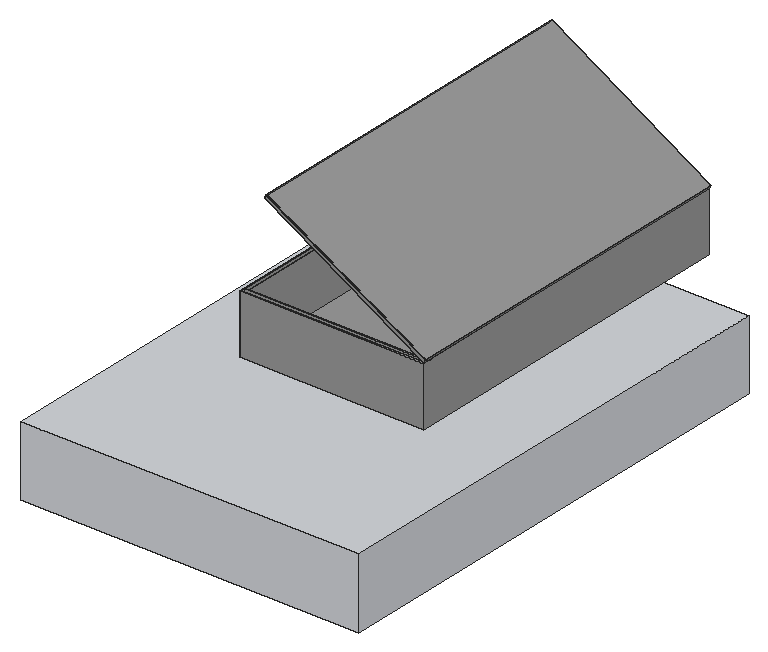
Revit family "Hager-Univers-IP55-D275-H1550-Cl.II-Steel_encl-ES-es", category Equipement électrique, Revit 2020
Family settings
  Hôte = Face
  Configuration du panneau = Deux colonnes, circuits au sein
  Cote de connecteur circulaire = Utiliser le diamètre
  Type d'élément = Tableau de raccordement
  Couper avec des vides une fois chargée = Non
  Partagée = Non
  Point de calcul de pièce = Non
Parameters (values of type "Montado superficial (escayola) IP55 A800 A1550 P275  - FR03S")
  Width Control [instance] = if([EF000008 - Anchura] > Min Width, [EF000008 - Anchura], Min Width)  # 800 mm
  Commentaires du type = [HG000003 - Gama]  # "Univers"
  Thickness Door [instance] = if([EF009171 - Espesor puerta/tapa] > 3 mm, 3 mm, [EF009171 - Espesor puerta/tapa])  # 1.5 mm
  Seal Frame Offset [instance] = 17 mm  # constant formula
  Plinth Visibility [instance] = [HG000027 - Altura de zócalo] > 0 mm  # no
  Model = ""
  Min Width [instance] = 100 mm  # constant formula
  Min Height [instance] = 100 mm  # constant formula
  Min Depth [instance] = (2 * [EF009170 - Espesor del material de la caja]) + 1 mm  # 4 mm
  Internal Frame Depth [instance] = (Door System Depth * 0.5)  # 9 mm
  Height Control [instance] = if([EF000040 - Altura] > Min Height, [EF000040 - Altura], Min Height)  # 1550 mm
  HG000027 - Altura de zócalo = 0 mm
  HG000026 - Instalación en suelo = no
  HG000024 - Altura de la sección inferior = 800 mm
  HG000023 - Caja de doble sección = no
  HG000016 - Visibilidad de la puerta 3D [instance] = yes
  HG000015 - Visibilidad a través de la puerta [instance] = no
  HG000014 - Puerta a la derecha [instance] = yes
  HG000013 - Puerta a la izquierda [instance] = not([HG000014 - Puerta a la derecha])  # no
  HG000012 - Ángulo de giro de la puerta [instance] = 30.00°
  HG000010 - Puertas asimétricas = no
  HG000009 - Puerta batiente doble = no
  HG000006 - Empotrado = no
  HG000004 - Referencia del fabricante = "FR03S"
  HG000003 - Gama = "Univers"
  HG000002 - Con puerta o tapa = yes
  Frame Offset Bottom [instance] = 10 mm  # constant formula
  Frame Offset [instance] = 15 mm  # constant formula
  EF015940 - Tapa con alivio de sobrepresión = no
  EF011959 - Grado de protección (NEMA) = ""
  EF009554 - Número de aberturas para placas-brida = 6
  Fabricant = "Hager"  # constant formula
  EF009212 - Versión de la cubierta = "EV000116 - Cerrado"
  EF009171 - Espesor puerta/tapa = 1.5 mm
  EF009170 - Espesor del material de la caja = 1.5 mm
  EF008873 - Corriente nominal (In) = 800 A
  EF007800 - Adecuado para la protección contra rayos = no
  EF006306 - Con cierre = no
  EF006244 - Tapa/puerta transparente = no
  EF005474 - Grado de protección (IP) = "EV006420 - IP55"
  EF004464 - Tipo de puerta = "EV002646 - Único"
  EF004427 - Número de módulos = 360
  EF004293 - Resistencia al impacto (IK) = "EV008784 - IK10"
  EF003532 - Adecuado para uso en exteriores = no
  EF002950 - Anchura de unidades de división = 24
  EF001613 - Integridad del circuito = "EV000494 - Ninguno"
  EF001596 - Material de la carcasa = "EV000179 - Acero"
  EF001131 - Profundidad interna = 275 mm
  EF001088 - Posibilidad de extensión = yes
  EF000437 - Número de entradas de conductos de cables = 6
  EF000339 - Tipo de cubierta = "EV004216 - Puerta"
  EF000266 - Número de filas = 10
  EF000218 - Profundidad de instalación = 0 mm
  EF000118 - Con placa de montaje = no
  EF000116 - Número RAL = "7035"
  EF000049 - Profundidad = 275 mm
  EF000040 - Altura = 1550 mm
  EF000008 - Anchura = 800 mm
  EF000007 - Color = "EV000270 - Gris"
  EF000003 - Tipo de montaje = "EV000384 - Montado superficial (escayola)"
  Door System Leaf Tolerance [instance] = 1.5 mm  # constant formula
  Door System Depth [instance] = 18 mm  # constant formula
  Door Height [instance] = Height Control - [HG000027 - Altura de zócalo]  # 1550 mm
  Depth Control [instance] = if([EF000049 - Profundidad] > Min Depth, [EF000049 - Profundidad], Min Depth)  # 275 mm
  Default Elevation = 0 mm
  Connector Offset [instance] = Height Control / 2  # 775 mm
  Bottom Top Plate Trim [instance] = 1.5 mm  # constant formula
  Plinth height Ctrl [instance] = if([HG000027 - Altura de zócalo] > 0 mm, [HG000027 - Altura de zócalo], 12 mm)  # 12 mm
Types (5, lengths in mm): name | Width Control | HG000010 - Puertas asimétricas | HG000009 - Puerta batiente doble | HG000004 - Referencia del fabricante | EF009554 - Número de aberturas para placas-brida | EF004464 - Tipo de puerta | EF004427 - Número de módulos | EF000437 - Número de entradas de conductos de cables | EF000008 - Anchura
  Montado superficial (escayola) IP55 A1050 A1550 P275  - FR04S | 1050 | no | yes | "FR04S" | 8 | "EV003602 - Doble" | 480 | 8 | 1050
  Montado superficial (escayola) IP55 A1300 A1550 P275  - FR05S | 1300 | yes | yes | "FR05S" | 10 | "EV003602 - Doble" | 600 | 10 | 1300
  Montado superficial (escayola) IP55 A300 A1550 P275  - FR01S | 300 | no | no | "FR01S" | 2 | "EV002646 - Único" | 120 | 2 | 300
  Montado superficial (escayola) IP55 A550 A1550 P275  - FR02S | 550 | no | no | "FR02S" | 4 | "EV002646 - Único" | 240 | 4 | 550
  Montado superficial (escayola) IP55 A800 A1550 P275  - FR03S | 800 | no | no | "FR03S" | 6 | "EV002646 - Único" | 360 | 6 | 800
Reference planes
  plane 1 "Center (Front/Back)": y = 0
  plane 2: z = 0
  plane 3 "Center (Left/Right)": x = 0
  plane 4: z = 275
  plane 5: y = 1.5
  plane 6: y = 775
  plane 7: y = 0
  plane 8: y = 1550
  plane 9: z = 0
  plane 10: x = -385
  plane 11: x = 385
  plane 12: x = 383.5
  plane 13: x = -383.5
  plane 14: y = 1548.5
  plane 15: x = -383
  plane 16: x = -400
  plane 17: x = 383
  plane 18: x = 400
  plane 19: x = 398.5
  plane 20: x = -398.5
  plane 21: y = 11.5
  plane 22: y = 1550
  plane 23: y = 1533.5
  plane 24: z = 257
  plane 25: z = 1.5
  plane 26: z = 255.5
  plane 27: z = 273.5
Forms (mm)
  Extrusion 1, solid
    sketch origin (0, 0, 0) x (1, 0, 0) y (0, 1, 0)
      loop
        line (-702.964, 1305) -> (-702.964, -811.445) -> (766.763, -811.445) -> (766.763, 1305) -> (-702.964, 1305)
    from 0 to -304.8
  Extrusion 2, solid, material "Hager_Steel_RAL7035_Light_Grey", visible <- "Plinth Visibility", detail levels medium+fine
    sketch origin (0, 0, 0) x (1, 0, 0) y (0, 1, 0)
      loop
        line (-400, 0) -> (400, 0) -> (400, 12) -> (-400, 12) -> (-400, 0)
    from 0 to 257
  Extrusion 3, solid, material "Hager_Steel_RAL7035_Light_Grey", detail levels medium+fine
    sketch origin (0, 0, 0) x (1, 0, 0) y (0, 1, 0)
      loop
        line (-400, 0) -> (400, 0) -> (400, 1550) -> (-400, 1550) -> (-400, 0)
    from 0 to 257
  Extrusion 4, void
    sketch origin (0, 0, 0) x (1, 0, 0) y (0, 1, 0)
      loop
        line (-398.5, 1.5) -> (398.5, 1.5) -> (398.5, 1548.5) -> (-398.5, 1548.5) -> (-398.5, 1.5)
    from 1.5 to 255.5
  Extrusion 5, void
    sketch origin (-381.607, -4572, 257) x (0, -1, 0) y (-1, 0, 0)
      loop
        line (-4583.5, 1.893) -> (-6105.5, 1.893) -> (-6105.5, -765.107) -> (-4583.5, -765.107) -> (-4583.5, 1.893)
    from 0 to 1.5 <- "EF009170 - Espesor del material de la caja"
  Extrusion 6, solid, material "Hager_Steel_RAL7035_Light_Grey", detail levels fine
    sketch origin (0, 0, 257) x (1, 0, 0) y (0, 1, 0)
      loop
        line (-383.5, 1533.5) -> (-383.5, 11.5) -> (383.5, 11.5) -> (383.5, 1533.5) -> (-383.5, 1533.5)
      loop
        line (-385, 10) -> (385, 10) -> (385, 1535) -> (-385, 1535) -> (-385, 10)
    from 0 to 9 <- "Internal Frame Depth"
  Extrusion 7, solid, material "Hager_Steel_RAL7035_Light_Grey", detail levels coarse
    sketch origin (0, 0, 0) x (1, 0, 0) y (0, 1, 0)
      loop
        line (-400, 0) -> (400, 0) -> (400, 1550) -> (-400, 1550) -> (-400, 0)
    from 0 to 275
  Sweep 8, void
    path in 3D
      loop
        line (-400, 12, 0) -> (400, 12, 0) -> (400, 12, 257) -> (-400, 12, 257) -> (-400, 12, 0)
    profile origin (-400, 12, 128.5) x (-1, 0, 0) y (0, -1, 0)
      loop
        line (0, 0) -> (0, 1.5) -> (-1.5, 1.5)
        arc (-1.5, 1.5) -> (-1.061, 0.439) -> (0, 0) r 1.5
Cuts and joins
  Extrusion 4, Extrusion 5 cuts Extrusion 3
  Sweep 8 cuts Extrusion 2
Lines and regions (mm)
  Masking region 1
    outline origin (0, 0, 0) x (1, 0, 0) y (0, 0, 1)
      loop
        line (-400, 275) -> (-400, 0) -> (400, 0) -> (400, 275) -> (-400, 275)
  Masking region 2, detail levels medium+fine
    outline origin (0, 140, 0) x (0, 1, 0) y (0, 0, 1)
      loop
        line (-140, 0) -> (1410, 0) -> (1410, 257) -> (-140, 257) -> (-140, 0)
  Masking region 3, not visible, detail levels medium+fine
    outline origin (0, 297.922, 0) x (0, 1, 0) y (0, 0, 1)
      loop
        line (488.578, 0) -> (528.578, 0) -> (528.578, 263.5)
        arc (528.578, 263.5) -> (525.649, 270.571) -> (518.578, 273.5) r 10
        line (518.578, 273.5) -> (488.578, 273.5) -> (488.578, 0)
  Masking region 4, detail levels coarse
    outline origin (0, 0, 180) x (0, 1, 0) y (0, 0, 1)
      loop
        line (0, -180) -> (1550, -180) -> (1550, 95) -> (0, 95) -> (0, -180)
  Masking region 5, visible <- "Plinth Visibility", detail levels medium+fine
    outline origin (0, 52.24, 12.345) x (0, 0, -1) y (0, 1, 0)
      loop
        line (10.845, -40.24) -> (-243.155, -40.24)
        arc (-243.155, -40.24) -> (-243.594, -41.301) -> (-244.655, -41.74) r 1.5
        line (-244.655, -41.74) -> (-244.655, -52.24) -> (12.345, -52.24) -> (12.345, -41.74)
        arc (12.345, -41.74) -> (11.285, -41.301) -> (10.845, -40.24) r 1.5
  Masking region 6, detail levels medium+fine
    outline origin (-381.607, -4572, 257) x (-1, 0, 0) y (0, -1, 0)
      loop
        line (18.393, -6122) -> (18.393, -4572) -> (-781.607, -4572) -> (-781.607, -6122) -> (18.393, -6122)
  Masking region 7, visible <- "Plinth Visibility", detail levels medium+fine
    outline origin (-381.607, -4727, 257) x (-1, 0, 0) y (0, -1, 0)
      loop
        arc (16.893, -4739) -> (17.332, -4737.939) -> (18.393, -4737.5) r 1.5
        line (18.393, -4737.5) -> (18.393, -4727) -> (-781.607, -4727) -> (-781.607, -4737.5)
        arc (-781.607, -4737.5) -> (-780.546, -4737.939) -> (-780.107, -4739) r 1.5
        line (-780.107, -4739) -> (16.893, -4739)
  Masking region 8, detail levels coarse
    outline origin (-442.548, -4669.526, 257) x (-1, 0, 0) y (0, -1, 0)
      loop
        line (-42.548, -6219.526) -> (-42.548, -4669.526) -> (-842.548, -4669.526) -> (-842.548, -6219.526) -> (-42.548, -6219.526)
  sketch lines
    curve 1: line (-400, 12, 257) -> (-400, 12, 0)
    curve 2: line (400, 12, 257) -> (-400, 12, 257)
    curve 3: line (400, 12, 257) -> (400, 12, 0)
    curve 4: line (-400, 12, 0) -> (400, 12, 0)
Dimensions and locks
  "Depth Control": plane 4 to Extrusion 1
  "HG000027 - Altura de zócalo": plane 1 "Center (Front/Back)" to plane 7
  "EF009170 - Espesor del material de la caja": plane 5 to plane 7
  locked: connector elem to plane 3 "Center (Left/Right)"
  equal spacing: plane 8, plane 6, plane 7
  locked: connector elem to plane 6
  "EF009170 - Espesor del material de la caja": plane 8 to plane 14
  "EF009170 - Espesor del material de la caja": plane 10 to plane 13
  "EF009170 - Espesor del material de la caja": plane 12 to plane 11
  "Frame Offset": plane 20 to plane 13
  "Frame Offset": plane 12 to plane 19
  "EF009170 - Espesor del material de la caja": plane 16 to plane 20
  "EF009170 - Espesor del material de la caja": plane 19 to plane 18
  "Seal Frame Offset": plane 16 to plane 15
  "Seal Frame Offset": plane 17 to plane 18
  "Frame Offset Bottom": plane 21 to plane 5
  "Frame Offset": plane 14 to plane 23
  equal spacing: plane 16, plane 3 "Center (Left/Right)", plane 18
  "Width Control": plane 16 to plane 18
  "EF009170 - Espesor del material de la caja": plane 4 to plane 27
  "EF009170 - Espesor del material de la caja": plane 24 to plane 26
  "EF009170 - Espesor del material de la caja": plane 25 to level
  "Door System Depth": plane 4 to plane 24
  "Height Control": plane 1 "Center (Front/Back)" to Extrusion 7 sketch curve
  "Height Control": Masking region 4 sketch curve to plane 1 "Center (Front/Back)"
  "Height Control": plane 1 "Center (Front/Back)" to plane 22
  "Bottom Top Plate Trim": profile plane to Sweep 8 sketch curve
  "Bottom Top Plate Trim": Sweep 8 sketch curve to profile plane
  "Plinth height Ctrl": plane 1 "Center (Front/Back)" to Extrusion 2 sketch curve
  "Plinth height Ctrl": Masking region 5 sketch curve to plane 1 "Center (Front/Back)"
  "Plinth height Ctrl": plane 1 "Center (Front/Back)" to Masking region 7 sketch curve
  "Thickness Door": Extrusion 6 sketch curve to Extrusion 6 sketch curve  (x3)
  "Thickness Door": cut or joined group of Extrusion 3, Extrusion 4, Extrusion 5 to Extrusion 6 sketch curve
  radius of Masking region 3 sketch curve = 10 mm
  "Bottom Top Plate Trim": radius of Masking region 5 sketch curve  (x2)
  "Bottom Top Plate Trim": radius of Sweep 8 sketch curve
  "Bottom Top Plate Trim": radius of Masking region 7 sketch curve  (x2)
  aligned and locked: plane 2 to Extrusion 1
  aligned and locked: level to Extrusion 1
  aligned and locked: level to Masking region 1 sketch curve
  aligned and locked: Masking region 1 sketch curve to plane 18
  aligned and locked: Masking region 1 sketch curve to plane 16
  aligned and locked: plane 7 to Masking region 2 sketch curve
  aligned and locked: level to Masking region 3 sketch curve
  aligned and locked: Masking region 3 sketch curve to plane 27
  aligned and locked: level to Masking region 2 sketch curve
  aligned and locked: plane 1 "Center (Front/Back)" to Extrusion 2 sketch curve
  aligned and locked: Extrusion 3 sketch curve to plane 7
  aligned and locked: plane 16 to Extrusion 3 sketch curve
  aligned and locked: plane 18 to Extrusion 3 sketch curve
  aligned and locked: plane 20 to Extrusion 4 sketch curve
  aligned and locked: plane 19 to Extrusion 4 sketch curve
  aligned and locked: Extrusion 4 sketch curve to plane 5
  aligned and locked: Extrusion 4 to plane 25
  aligned and locked: plane 26 to Extrusion 4
  aligned and locked: plane 24 to Extrusion 3
  aligned and locked: Extrusion 5 sketch curve to plane 21
  aligned and locked: Extrusion 5 sketch curve to plane 13
  aligned and locked: Extrusion 5 sketch curve to plane 12
  aligned and locked: plane 18 to Extrusion 7 sketch curve
  aligned and locked: plane 1 "Center (Front/Back)" to Extrusion 7 sketch curve
  aligned and locked: plane 16 to Extrusion 7 sketch curve
  aligned and locked: plane 4 to Extrusion 7
  aligned and locked: Extrusion 7 to level
  aligned and locked: level to Masking region 4 sketch curve
  aligned and locked: Masking region 4 sketch curve to plane 1 "Center (Front/Back)"
  aligned and locked: Masking region 4 sketch curve to plane 4
  aligned and locked: nested 1 to level
  aligned and locked: nested 1 to plane 16
  aligned and locked: plane 8 to Extrusion 3 sketch curve
  aligned and locked: plane 23 to Extrusion 5 sketch curve
  aligned and locked: plane 14 to Extrusion 4 sketch curve
  aligned and locked: Masking region 2 sketch curve to plane 8
  aligned and locked: level to Masking region 5 sketch curve
  aligned and locked: plane 16 to Extrusion 2 sketch curve
  aligned and locked: plane 18 to Extrusion 2 sketch curve
  aligned and locked: Masking region 5 sketch curve to plane 24
  aligned and locked: Masking region 2 sketch curve to plane 24
  aligned and locked: plane 24 to Extrusion 2
  aligned and locked: profile plane to Sweep 8 sketch curve  (x2)
  aligned and locked: Masking region 6 sketch curve to plane 18
  aligned and locked: Masking region 6 sketch curve to plane 22
  aligned and locked: Masking region 6 sketch curve to plane 16
  aligned and locked: plane 8 to plane 22
  aligned and locked: Masking region 6 sketch curve to plane 7
  aligned and locked: Masking region 7 sketch curve to plane 16
  aligned and locked: Masking region 7 sketch curve to plane 1 "Center (Front/Back)"
  aligned and locked: Masking region 7 sketch curve to plane 18
  aligned and locked: Masking region 8 sketch curve to plane 1 "Center (Front/Back)"
  aligned and locked: Masking region 8 sketch curve to plane 18
  aligned and locked: Masking region 8 sketch curve to plane 22
  aligned and locked: Masking region 8 sketch curve to plane 16
  aligned and locked: nested 2 to plane 7
  aligned and locked: plane 3 "Center (Left/Right)" to nested 2
  aligned and locked: nested 2 to plane 24
  aligned and locked: Extrusion 6 sketch curve to cut or joined group of Extrusion 3, Extrusion 4, Extrusion 5  (x4)
Automatic sketch dimensions
  Extrusion 1 sketch curve to Extrusion 1 sketch curve = 1469.727 mm
  Extrusion 1 sketch curve to Extrusion 1 sketch curve = 2116.445 mm
  Masking region 1 sketch curve to plane 4 = 0 mm
  plane 6 to Masking region 3 sketch curve = 11.5 mm
  Masking region 3 sketch curve to Masking region 3 sketch curve = 30 mm
  Masking region 5 sketch curve to plane 1 "Center (Front/Back)" = 0 mm
Nested families
  nested 1: "Hager_Enclosure_Symbol" at (-400, 0, 0) x (1, 0, 0) z (0, -1, 0), Height <- "Depth Control", Width <- "Width Control", type "Hager_Enclosure_Symbol"
    with Width_Ctrl 800 mm, Width 800 mm, Height_Ctrl 275 mm, Height 275 mm, A_Width_Int 18.047 mm, A_Width 216.562 mm, A_Height_Ctrl 240.625 mm, A_Height 240.625 mm
  nested 2: "EC000058_Univers_Door" at (0, 0, 257) x (1, 0, 0) z (0, 1, 0), Leaf_Tolerance <- "Door System Leaf Tolerance", Angle <- "HG000012 - Ángulo de giro de la puerta", Door_Depth <- "Door System Depth", Door_Left <- "HG000013 - Puerta a la izquierda", Transparent <- "EF006244 - Tapa/puerta transparente", Assymetrical <- "HG000010 - Puertas asimétricas", Width <- "Width Control", Clearance <- "HG000015 - Visibilidad a través de la puerta", Double <- "HG000009 - Puerta batiente doble", 3d_Door <- "HG000016 - Visibilidad de la puerta 3D", Lock_Visibility <- "EF006306 - Con cierre", Width_Ctrl <- "Width Control", Door_Right <- "HG000014 - Puerta a la derecha", Door <- "HG000002 - Con puerta o tapa", Height <- "Door Height", Thickness <- "Thickness Door", type "EC000058_Univers_Door", detail levels medium+fine
    with min_wh 4 mm, Width_Ctrl 800 mm, Width 800 mm, Transparent no, Thickness 1.5 mm, Seal_Material Hager_Rubber, Lock_Visibility no, Lock_Material Hager_Plastic_RAL9005_Jet_Black, Leaf_Width 800 mm, Leaf_Tolerance_External_Sides 0 mm, Leaf_Tolerance 1.5 mm, Leaf_Offset 0 mm, Leaf_Height 1547 mm, Leaf_2_Width 800 mm, Leaf_2_Offset 400 mm, Leaf_1_Width 800 mm, Leaf_1_Offset 400 mm, Height_Ctrl 1550 mm, Height 1550 mm, Glass_Material Hager_Glass, Double_Clearance_Ctrl no, Double no, Door_Right_Ctrl yes, Door_Right yes, Door_Material Hager_Steel_RAL7035_Light_Grey, Door_Left_Ctrl no, Door_Left no, Door_Depth 18 mm, Door yes, Clearance_Material Hager_Clearance, Clearance_Depth 800 mm, Clearance_Ctrl no, Clearance no, Assymetrical no, Angle 30.00°, 3d_Door yes
Connectors
  electrical at (0, 775, 0)
    settings: on plane 9, index 1, voltage 0 V, apparent load 0 VA, apparent load phase1 0 VA, apparent load phase2 0 VA, apparent load phase3 0 VA, power factor 1, load classification "Other", number of poles 1, system type 30, power factor state 1, is connector primary yes, connector utility no, sub classification motor no, connector description ""
Definition of nested family "EC000058_Univers_Door"
  Parameters (values of type "EC000058_Univers_Door")
    min_wh [instance] = (2 * Thickness) + 1 mm  # 11 mm
    Width_Ctrl [instance] = 400 mm
    Width [instance] = 500 mm
    Transparent [instance] = yes
    Thickness [instance] = 5 mm
    Seal_Material [instance] = none
    Lock_Visibility [instance] = yes
    Lock_Material [instance] = none
    Leaf_Width [instance] = if((Width_Ctrl - 2 * Leaf_Tolerance_External_Sides) > 0 mm, (Width_Ctrl - 2 * Leaf_Tolerance_External_Sides), min_wh)  # 400 mm
    Leaf_Tolerance_External_Sides [instance] = 0 mm  # constant formula
    Leaf_Tolerance [instance] = 1.5 mm
    Leaf_Offset [instance] = 0 mm  # constant formula
    Leaf_Height [instance] = if((Height_Ctrl - 2 * Leaf_Tolerance) > 0 mm, (Height_Ctrl - 2 * Leaf_Tolerance), min_wh)  # 497 mm
    Leaf_2_Width [instance] = if(and(and(Double, Assymetrical), Door_Left), (Leaf_Width / 3) - (Leaf_Tolerance / 2), if(and(and(Double, Assymetrical), Door_Right), (Leaf_Width / 3) * 2 - (Leaf_Tolerance / 2), if(and(Double, not(Assymetrical)), (Leaf_Width / 2) - Leaf_Tolerance, Leaf_Width)))  # 400 mm
    Leaf_2_Offset [instance] = if(and(Double, Assymetrical), Leaf_2_Width / 2, if(and(Double, not(Assymetrical)), Leaf_Width / 4, Leaf_Width / 2))  # 200 mm
    Leaf_1_Width [instance] = if(and(and(Double, Assymetrical), Door_Right), (Leaf_Width / 3) - (Leaf_Tolerance / 2), if(and(and(Double, Assymetrical), Door_Left), (Width / 3) * 2 - (Leaf_Tolerance / 2), if(and(Double, not(Assymetrical)), (Leaf_Width / 2) - Leaf_Tolerance, Leaf_Width)))  # 400 mm
    Leaf_1_Offset [instance] = if(and(Double, Assymetrical), Leaf_1_Width / 2, if(and(Double, not(Assymetrical)), Leaf_Width / 4, Leaf_Width / 2))  # 200 mm
    Height_Ctrl [instance] = if(Height > min_wh, Height, min_wh)  # 500 mm
    Height [instance] = 500 mm
    Glass_Material [instance] = none
    Double_Clearance_Ctrl [instance] = and(Double, Clearance)  # no
    Double [instance] = no
    Door_Right_Ctrl [instance] = and(or(Door_Right, Double), Door)  # yes
    Door_Right [instance] = yes
    Door_Material [instance] = none
    Door_Left_Ctrl [instance] = and(or(Door_Left, Double), Door)  # no
    Door_Left [instance] = no
    Door_Depth [instance] = 30 mm
    Door [instance] = yes
    Default Elevation = 1219.2 mm
    Clearance_Material [instance] = none
    Clearance_Depth [instance] = if(Leaf_1_Width > Leaf_2_Width, Leaf_1_Width, Leaf_2_Width)  # 400 mm
    Clearance_Ctrl [instance] = and(not(Double), Clearance)  # yes
    Clearance [instance] = yes
    Assymetrical [instance] = yes
    Angle [instance] = 30.00°
    3d_Door [instance] = yes
  Reference planes
    plane 1 "Center (Front/Back)": y = 0
    plane 2 "Bottom": z = 0
    plane 3 "Center (Left/Right)": x = 0
    plane 4: z = 500
    plane 5: x = -200
    plane 6: x = 200
    plane 7: z = 500
    plane 8: x = -200
    plane 9: z = 0
    plane 10: x = 200
    plane 11: y = 0
    plane 12: z = 1.5
    plane 13: x = -600
    plane 14: y = -400
    plane 15: x = 600
    plane 16: x = 0
    plane 17: x = 0
    plane 18: x = -200
    plane 19: x = 200
    plane 20: z = 498.5
  Forms (mm)
    Extrusion 1, solid, material <- "Clearance_Material", visible <- "Double_Clearance_Ctrl"
      sketch origin (1200, 0, 0) x (1, 0, 0) y (0, 0, -1)
        loop
          line (-1800, -498.5) -> (-600, -498.5) -> (-600, 0) -> (-1800, 0) -> (-1800, -498.5)
      from 0 to -400
  Dimensions and locks
    equal spacing: plane 5, plane 3 "Center (Left/Right)", plane 6
    "Width_Ctrl": plane 5 to plane 6
    "Leaf_Offset": plane 5 to plane 8
    "Leaf_Offset": plane 6 to plane 10
    "Leaf_Offset": plane 9 to level
    "Leaf_Offset": plane 4 to plane 7
    "Height_Ctrl": plane 4 to level
    "Leaf_Tolerance": plane 12 to plane 9
    locked: plane 11 to plane 1 "Center (Front/Back)"
    "Leaf_1_Offset": plane 18 to plane 16
    "Leaf_2_Offset": plane 17 to plane 19
    "Leaf_1_Width": plane 13 to plane 8
    "Leaf_2_Width": plane 10 to plane 15
    "Clearance_Depth": plane 14 to plane 1 "Center (Front/Back)"
    "Leaf_Tolerance_External_Sides": plane 8 to plane 18
    "Leaf_Tolerance_External_Sides": plane 19 to plane 10
    "Leaf_Tolerance": plane 7 to plane 20
    aligned and locked: level to plane 2 "Bottom"
    aligned and locked: nested 1 to plane 16
    aligned and locked: nested 2 to plane 17
    aligned and locked: Extrusion 1 to plane 13
    aligned and locked: plane 15 to Extrusion 1
    aligned and locked: Extrusion 1 to plane 14
    aligned and locked: plane 12 to nested 1
    aligned and locked: nested 2 to plane 12
    aligned and locked: Extrusion 1 to plane 11
    aligned and locked: plane 20 to Extrusion 1
    aligned and locked: nested 2 to plane 11
    aligned and locked: nested 1 to plane 11
  Automatic sketch dimensions
    Extrusion 1 sketch curve to level = 0 mm
    plane 5 to Extrusion 1 sketch curve = 400 mm
    plane 6 to Extrusion 1 sketch curve = 400 mm
    Extrusion 1 sketch curve to plane 4 = 1.5 mm
  Nested families
    nested 1: "EC000058_Univers_Door_Leaf" at (0, 0, 1.5), Width <- "Leaf_1_Width", visible <- "Door_Left_Ctrl", Leaf_Height <- "Leaf_Height", Angle <- "Angle", 3d_Door <- "3d_Door", Transparent <- "Transparent", Clearance Material <- "Clearance_Material", Clearance <- "Clearance_Ctrl", Door_Material <- "Door_Material", Glass_Material <- "Glass_Material", Door_Depth <- "Door_Depth", Lock_Material <- "Lock_Material", Seal_Material <- "Seal_Material", Lock_Visibility <- "Lock_Visibility", Thickness <- "Thickness", type "EC000058_Univers_Door_Leaf"
      with Width 400 mm, Transparent_Glass_Offset 30 mm, Transparent_Ctrl yes, Transparent yes, Thickness 5 mm, Standard no, Seal_Material none, Seal_D2 8 mm, Seal_D1 1 mm, Offset_Internal_Frame 10 mm, Lock_Width 20 mm, Lock_Visibility_3d yes, Lock_Visibility yes, Lock_Thickness_3 3 mm, Lock_Thickness_2 1 mm, Lock_Thickness_1 3 mm, Lock_Radius_Offset_2 16 mm, Lock_Radius_Offset_1 15 mm, Lock_Radius_2 5 mm, Lock_Radius 6 mm, Lock_Offset 5 mm, Lock_Material none, Lock_Height 80 mm, Lock_Cover_Top_Offset_2d 17 mm, Lock_Cover_Height -65 mm, Leaf_Height 497 mm, Internal_Seal_Thickness 8 mm, Internal_Seal_Depth_2 4.5 mm, Internal_Frame_Depth 25 mm, Glass_Thickness -1 mm, Glass_Offset -2 mm, Glass_Material none, Door_Material none, Door_Depth 30 mm, Clearance Material none, Clearance yes, Angle_Ctrl 30.00°, Angle 30.00°, 3d_Door yes
    nested 2: "EC000058_Univers_Door_Leaf" at (0, 0, 1.5) x (-1, 0, 0) z (0, 0, 1), Width <- "Leaf_2_Width", visible <- "Door_Right_Ctrl", Leaf_Height <- "Leaf_Height", Angle <- "Angle", 3d_Door <- "3d_Door", Transparent <- "Transparent", Clearance Material <- "Clearance_Material", Clearance <- "Clearance_Ctrl", Door_Material <- "Door_Material", Glass_Material <- "Glass_Material", Door_Depth <- "Door_Depth", Lock_Material <- "Lock_Material", Seal_Material <- "Seal_Material", Lock_Visibility <- "Lock_Visibility", Thickness <- "Thickness", type "EC000058_Univers_Door_Leaf"
      with Width 400 mm, Transparent_Glass_Offset 30 mm, Transparent_Ctrl yes, Transparent yes, Thickness 5 mm, Standard no, Seal_Material none, Seal_D2 8 mm, Seal_D1 1 mm, Offset_Internal_Frame 10 mm, Lock_Width 20 mm, Lock_Visibility_3d yes, Lock_Visibility yes, Lock_Thickness_3 3 mm, Lock_Thickness_2 1 mm, Lock_Thickness_1 3 mm, Lock_Radius_Offset_2 16 mm, Lock_Radius_Offset_1 15 mm, Lock_Radius_2 5 mm, Lock_Radius 6 mm, Lock_Offset 5 mm, Lock_Material none, Lock_Height 80 mm, Lock_Cover_Top_Offset_2d 17 mm, Lock_Cover_Height -65 mm, Leaf_Height 497 mm, Internal_Seal_Thickness 8 mm, Internal_Seal_Depth_2 4.5 mm, Internal_Frame_Depth 25 mm, Glass_Thickness -1 mm, Glass_Offset -2 mm, Glass_Material none, Door_Material none, Door_Depth 30 mm, Clearance Material none, Clearance yes, Angle_Ctrl 30.00°, Angle 30.00°, 3d_Door yes
  Definition of nested family "EC000058_Univers_Door_Leaf"
    Parameters (values of type "EC000058_Univers_Door_Leaf")
      Width [instance] = 2000 mm
      Transparent_Glass_Offset [instance] = 30 mm
      Transparent_Ctrl [instance] = and(Transparent, [3d_Door])  # yes
      Transparent [instance] = yes
      Thickness [instance] = 5 mm
      Standard [instance] = and(not(Transparent), [3d_Door])  # no
      Seal_Material [instance] = none
      Seal_D2 [instance] = 8 mm  # constant formula
      Seal_D1 [instance] = 1 mm  # constant formula
      Offset_Internal_Frame [instance] = 10 mm  # constant formula
      Lock_Width [instance] = 20 mm  # constant formula
      Lock_Visibility_3d [instance] = and(Lock_Visibility, [3d_Door])  # yes
      Lock_Visibility [instance] = yes
      Lock_Thickness_3 [instance] = 3 mm  # constant formula
      Lock_Thickness_2 [instance] = 1 mm  # constant formula
      Lock_Thickness_1 [instance] = 3 mm  # constant formula
      Lock_Radius_Offset_2 [instance] = Lock_Radius_Offset_1 + 1 mm  # 16 mm
      Lock_Radius_Offset_1 [instance] = 15 mm  # constant formula
      Lock_Radius_2 [instance] = Lock_Radius - 1 mm  # 5 mm
      Lock_Radius [instance] = 6 mm  # constant formula
      Lock_Offset [instance] = 5 mm  # constant formula
      Lock_Material [instance] = none
      Lock_Height [instance] = 80 mm  # constant formula
      Lock_Cover_Top_Offset_2d [instance] = Lock_Radius_Offset_2 + 1 mm  # 17 mm
      Lock_Cover_Height [instance] = -(Lock_Height - Lock_Radius_Offset_1)  # -65 mm
      Leaf_Height [instance] = 2720.336 mm
      Internal_Seal_Thickness [instance] = 8 mm  # constant formula
      Internal_Seal_Depth_2 [instance] = 4.5 mm  # constant formula
      Internal_Frame_Depth [instance] = if(Door_Depth - Thickness > 5 mm, Door_Depth - Thickness, 5 mm)  # 25 mm
      Glass_Thickness [instance] = if(Thickness > 15 mm, Glass_Offset + 10 mm, -1 mm)  # -1 mm
      Glass_Offset [instance] = if(Thickness > 15 mm, -(Thickness + 10 mm) / 2, -2 mm)  # -2 mm
      Glass_Material [instance] = none
      Door_Material [instance] = none
      Door_Depth [instance] = 30 mm
      Default Elevation = 0 mm
      Clearance Material [instance] = none
      Clearance [instance] = yes
      Angle_Ctrl [instance] = if(Angle > 180.00°, 180.00°, Angle)  # 90.00°
      Angle [instance] = 90.00°
      3d_Door [instance] = yes
    Reference planes
      plane 1 "Center (Front/Back)": y = 0
      plane 2: z = 0
      plane 3 "Center (Left/Right)": x = 0
      plane 4: y = 2000
      plane 5: x = -1000
      plane 6: x = 1000
      plane 7: x = -3000
      plane 8: z = 2720.336
      plane 9: z = 30
      plane 10: z = 2690.336
      plane 11: x = 970
      plane 12: x = -970
      plane 13: y = -3
      plane 14: z = 107.833
      plane 15: y = -5
      plane 16: y = -223.314
      plane 17: x = -1000
      plane 18: z = 1360.168
      plane 19: y = 30
    Forms (mm)
      Extrusion 1, solid, material <- "Clearance Material", visible <- "Clearance"
        sketch origin (0, 0, 0) x (1, 0, 0) y (0, 0, 1)
          loop
            line (-3000, 2720.336) -> (-3000, 0) -> (1000, 0) -> (1000, 2720.336) -> (-3000, 2720.336)
        from 0 to -2000
      Extrusion 2, solid, material <- "Door_Material", visible <- "Standard", detail levels medium+fine
        sketch origin (-1000, 0, 0) x (0, 1, 0) y (-1, 0, 0)
          loop
            line (0, 30) -> (0, 25) -> (2000, 25) -> (2000, 30) -> (0, 30)
        from 0 to 2720.336 <- "Leaf_Height"
      Extrusion 3, solid, material <- "Door_Material", visible <- "Transparent_Ctrl", detail levels medium+fine
        sketch origin (-1000, 0, 0) x (0, 1, 0) y (-1, 0, 0)
          loop
            line (0, 25) -> (2000, 25) -> (2000, 30) -> (0, 30) -> (0, 25)
        from 0 to 2720.336 <- "Leaf_Height"
      Extrusion 4, void
        sketch origin (-1025, 2000, 0) x (0, 1, 0) y (0, 0, -1)
          loop
            line (-30, -2690.336) -> (-30, -30) -> (-1970, -30) -> (-1970, -2690.336) -> (-30, -2690.336)
        from 0 to 5 <- "Thickness"
      Sweep 5, solid, material <- "Seal_Material", visible <- "Transparent_Ctrl", detail levels fine
        path in 3D
          loop
            line (-1025, 30, 30) -> (-1025, 30, 2690.336) -> (-1025, 1970, 2690.336) -> (-1025, 1970, 30) -> (-1025, 30, 30)
        profile origin (-1025, 1000, 30) x (1, 0, 0) y (0, 0, 1)
          loop
            line (0, 0) -> (0, -8) -> (1, -8) -> (1, 0) -> (0, 0)
      Extrusion 6, solid, material <- "Glass_Material", visible <- "Transparent_Ctrl", detail levels medium+fine
        sketch origin (-1030, 0, 0) x (0, 1, 0) y (0, 0, -1)
          loop
            line (1970, -2690.336) -> (1970, -30) -> (30, -30) -> (30, -2690.336) -> (1970, -2690.336)
        from -2 <- "Glass_Offset" to -1 <- "Glass_Thickness"
      Extrusion 7, solid, material <- "Door_Material", visible <- "3d_Door", detail levels medium+fine
        sketch origin (-1025, 2000, 0) x (0, -1, 0) y (0, 0, -1)
          loop
            line (0, -2720.336) -> (2000, -2720.336) -> (2000, 0) -> (0, 0) -> (0, -2720.336)
          loop
            line (1995, -5) -> (5, -5) -> (5, -2715.336) -> (1995, -2715.336) -> (1995, -5)
        from 0 to 25 <- "Internal_Frame_Depth"
      Sweep 8, solid, material <- "Seal_Material", visible <- "Transparent_Ctrl", detail levels fine
        path in 3D
          loop
            line (-1025, 0, 0) -> (-1025, 2000, 0) -> (-1025, 2000, 2720.336) -> (-1025, 0, 2720.336) -> (-1025, 0, 0)
        profile origin (-1025, 0, 1360.168) x (1, 0, 0) y (0, 1, 0)
          loop
            line (0, 10) -> (2.975, 10)
            arc (2.975, 10) -> (4.053, 10.447) -> (4.5, 11.525) r 1.525
            line (4.5, 11.525) -> (4.5, 16.527)
            arc (4.5, 16.527) -> (4.069, 17.569) -> (3.027, 18) r 1.473
            line (3.027, 18) -> (0, 18) -> (0, 10)
      Extrusion 9, solid, material <- "Lock_Material", visible <- "Lock_Visibility_3d", detail levels fine
        sketch origin (-1030, 0, 0) x (0, 1, 0) y (0, 0, -1)
          loop
            arc (1993.5, -1400.168) -> (1994.561, -1399.729) -> (1995, -1398.668) r 1.5
            line (1995, -1398.668) -> (1995, -1320.168) -> (1975, -1320.168) -> (1975, -1398.668)
            arc (1975, -1398.668) -> (1975.439, -1399.729) -> (1976.5, -1400.168) r 1.5
            line (1976.5, -1400.168) -> (1993.5, -1400.168)
        from 3 <- "Lock_Thickness_1" to 0
      Blend 10, solid, material <- "Lock_Material", visible <- "Lock_Visibility_3d", detail levels fine
        base sketch origin (-1033, 0, 0) x (0, 1, 0) y (0, 0, -1)
          loop
            line (1975, -1320.168) -> (1975, -1398.668)
            arc (1975, -1398.668) -> (1975.439, -1399.729) -> (1976.5, -1400.168) r 1.5
            line (1976.5, -1400.168) -> (1993.5, -1400.168)
            arc (1993.5, -1400.168) -> (1994.561, -1399.729) -> (1995, -1398.668) r 1.5
            line (1995, -1398.668) -> (1995, -1320.168) -> (1975, -1320.168)
        top sketch origin (-1033, 0, 0) x (0, 1, 0) y (0, 0, -1)
          loop
            line (1976, -1320.168) -> (1976, -1398.668)
            arc (1976, -1398.668) -> (1976.146, -1399.022) -> (1976.5, -1399.168) r 0.5
            line (1976.5, -1399.168) -> (1993.5, -1399.168)
            arc (1993.5, -1399.168) -> (1993.854, -1399.022) -> (1994, -1398.668) r 0.5
            line (1994, -1398.668) -> (1994, -1320.168) -> (1976, -1320.168)
        from 0 to 1 <- "Lock_Thickness_2"
      Blend 11, solid, material <- "Lock_Material", visible <- "Lock_Visibility_3d", detail levels fine
        base sketch origin (-1034, 0, 0) x (0, 1, 0) y (0, 0, -1)
          loop
            line (1978, -1320.168) -> (1978, -1384.168)
            arc (1978, -1384.168) -> (1985, -1391.168) -> (1992, -1384.168) r 7
            line (1992, -1384.168) -> (1992, -1320.168) -> (1978, -1320.168)
        top sketch origin (-1034, 0, 0) x (0, 1, 0) y (0, 0, -1)
          loop
            line (1991, -1320.168) -> (1979, -1320.168) -> (1979, -1383.168)
            arc (1979, -1383.168) -> (1985, -1389.168) -> (1991, -1383.168) r 6
            line (1991, -1383.168) -> (1991, -1320.168)
        from 0 to 3 <- "Lock_Thickness_3"
      Extrusion 12, solid, material <- "Lock_Material", visible <- "Lock_Visibility_3d", detail levels fine
        sketch origin (-1030, 1975, 1320.168) x (1, 0, 0) y (0, -1, 0)
          loop
            line (-7, -19) -> (-7, -1) -> (0, -1) -> (0, 0) -> (-8, 0) -> (-8, -20) -> (0, -20) -> (0, -19) -> (-7, -19)
        from 0 to -65 <- "Lock_Cover_Height"
      Extrusion 13, void
        sketch origin (-1038, 1995, 1320.168) x (-1, 0, 0) y (0, 0, -1)
          loop
            line (-5, -65) -> (0, -65) -> (-5, -60) -> (-5, -65)
        from 0 to 20 <- "Lock_Width"
      Extrusion 14, void
        sketch origin (-1038, 1975, 1320.168) x (0, -1, 0) y (0, 0, -1)
          loop
            circle (-10, -15.995) r 6
          loop
            circle (-10, -15.995) r 5
        from 0 to 2
      Extrusion 15, solid, material <- "Lock_Material", visible <- "Lock_Visibility_3d", detail levels medium
        sketch origin (-1030, 0, 0) x (0, 1, 0) y (0, 0, -1)
          loop
            arc (1993.5, -1400.168) -> (1994.561, -1399.729) -> (1995, -1398.668) r 1.5
            line (1995, -1398.668) -> (1995, -1320.168) -> (1975, -1320.168) -> (1975, -1398.668)
            arc (1975, -1398.668) -> (1975.439, -1399.729) -> (1976.5, -1400.168) r 1.5
            line (1976.5, -1400.168) -> (1993.5, -1400.168)
        from 8 to 0
    Cuts and joins
      Extrusion 4 cuts Extrusion 3
      Extrusion 13, Extrusion 14 cuts Extrusion 9
      Extrusion 14 cuts Blend 11
      Extrusion 13, Extrusion 14 cuts Extrusion 12
      joined: Extrusion 9, Blend 10, Blend 11, Extrusion 12
      Extrusion 14 cuts Extrusion 15
    Lines and regions (mm)
      Masking region 1, visible <- "Lock_Visibility", detail levels fine
        outline origin (0, 0, 0) x (0, 1, 0) y (0, 0, 1)
          loop
            line (30, 1320.168) -> (33, 1320.168) -> (33, 1400.168) -> (30, 1400.168) -> (30, 1320.168)
      Masking region 2, visible <- "Lock_Visibility", detail levels fine
        outline origin (0, 3.143, 0) x (0, 1, 0) y (0, 0, 1)
          loop
            line (29.857, 1354.168) -> (30.857, 1354.168) -> (30.857, 1366.168) -> (29.857, 1366.168) -> (29.857, 1354.168)
      Masking region 3, detail levels medium+fine
        outline origin (0, 0, 0) x (0, 1, 0) y (0, 0, 1)
          loop
            line (0, 0) -> (30, 0) -> (30, 2720.336) -> (0, 2720.336) -> (0, 0)
      Masking region 4, detail levels medium+fine
        outline origin (0, 0, 0) x (1, 0, 0) y (0, 0, 1)
          loop
            line (-1000, 2720.336) -> (-1000, 0) -> (1000, 0) -> (1000, 2720.336) -> (-1000, 2720.336)
      Masking region 5, visible <- "Lock_Visibility", detail levels fine
        outline origin (-47.116, 0, 0) x (1, 0, 0) y (0, 0, 1)
          loop
            arc (1024.616, 1399.168) -> (1023.556, 1398.729) -> (1023.116, 1397.668) r 1.5
            line (1023.116, 1397.668) -> (1023.116, 1320.168) -> (1041.116, 1320.168) -> (1041.116, 1397.668)
            arc (1041.116, 1397.668) -> (1040.677, 1398.729) -> (1039.616, 1399.168) r 1.5
            line (1039.616, 1399.168) -> (1024.616, 1399.168)
      Masking region 6, visible <- "Lock_Visibility", detail levels medium+fine
        outline origin (-25, 0, 0) x (1, 0, 0) y (0, 0, 1)
          loop
            arc (1001.5, 1400.168) -> (1000.439, 1399.729) -> (1000, 1398.668) r 1.5
            line (1000, 1398.668) -> (1000, 1320.168) -> (1020, 1320.168) -> (1020, 1398.668)
            arc (1020, 1398.668) -> (1019.561, 1399.729) -> (1018.5, 1400.168) r 1.5
            line (1018.5, 1400.168) -> (1001.5, 1400.168)
      Masking region 7, visible <- "Lock_Visibility", detail levels fine
        outline origin (-73.735, 0, 0) x (1, 0, 0) y (0, 0, 1)
          loop
            line (1051.735, 1382.168) -> (1065.735, 1382.168) -> (1065.735, 1384.168)
            arc (1065.735, 1384.168) -> (1058.735, 1391.168) -> (1051.735, 1384.168) r 7
            line (1051.735, 1384.168) -> (1051.735, 1382.168)
      Masking region 8, visible <- "Lock_Visibility", detail levels fine
        outline origin (-73.735, 0, 0) x (1, 0, 0) y (0, 0, 1)
          loop
            line (1052.735, 1382.168) -> (1064.735, 1382.168) -> (1064.735, 1383.168)
            arc (1064.735, 1383.168) -> (1058.735, 1389.168) -> (1052.735, 1383.168) r 6
            line (1052.735, 1383.168) -> (1052.735, 1382.168)
      Masking region 9, visible <- "Lock_Visibility", detail levels fine
        outline origin (-25, 0, 0) x (1, 0, 0) y (0, 0, 1)
          loop
            line (1020, 1320.168) -> (1020, 1382.168) -> (1000, 1382.168) -> (1000, 1320.168) -> (1020, 1320.168)
      Masking region 10, detail levels medium+fine
        outline origin (0, 0, 0) x (1, 0, 0) y (0, 0, 1)
          loop
            circle (985, 1335.144) r 6
      Masking region 11, detail levels fine
        outline origin (0, 0, 0) x (1, 0, 0) y (0, 0, 1)
          loop
            circle (985, 1335.144) r 5
      Masking region 12, visible <- "Lock_Visibility", detail levels fine
        outline origin (0, 12.767, 0) x (0, 1, 0) y (0, 0, 1)
          loop
            line (20.233, 1320.168) -> (21.233, 1320.168) -> (21.233, 1399.168) -> (20.233, 1400.168) -> (20.233, 1320.168)
      Masking region 13, visible <- "Lock_Visibility", detail levels fine
        outline origin (0, 13.767, -10) x (0, 1, 0) y (0, 0, 1)
          loop
            line (20.233, 1330.168) -> (23.233, 1330.168) -> (23.233, 1399.168) -> (20.233, 1402.168) -> (20.233, 1330.168)
      Masking region 14, visible <- "Lock_Visibility", detail levels fine
        outline origin (0, 12.767, -10) x (0, 1, 0) y (0, 0, 1)
          loop
            line (20.233, 1330.168) -> (25.233, 1330.168) -> (25.233, 1399.305) -> (20.233, 1394.305) -> (20.233, 1330.168)
      Masking region 15, visible <- "Lock_Visibility", detail levels medium
        outline origin (0, 0, 0) x (0, 1, 0) y (0, 0, 1)
          loop
            line (30, 1320.168) -> (38, 1320.168) -> (38, 1400.168) -> (30, 1400.168) -> (30, 1320.168)
      Masking region 16, visible <- "Lock_Visibility", detail levels fine
        outline origin (-1000, 0, 0) x (0, 1, 0) y (-1, 0, 0)
          loop
            line (1975, 30) -> (1995, 30) -> (1995, 38) -> (1975, 38) -> (1975, 30)
          loop
            line (1979, 37) -> (1976, 37) -> (1976, 34) -> (1978, 34) -> (1979, 37)
          loop
            line (1994, 37) -> (1991, 37) -> (1992, 34) -> (1994, 34) -> (1994, 37)
      Masking region 17, visible <- "Lock_Visibility", detail levels medium
        outline origin (-1000, 0, 0) x (0, 1, 0) y (-1, 0, 0)
          loop
            line (1975, 30) -> (1995, 30) -> (1995, 38) -> (1975, 38) -> (1975, 30)
      symbolic lines
        curve 1: line (1000, 0, 0) -> (-3000, 0, 0)
        curve 2: arc (1000, 0, 0) -> (-1000, 2000, 0) -> (-3000, 0, 0) r 2000
        curve 4: line (-1030, 0, 0) -> (-1030, 2000, 0)
      reference lines
        curve 3: line (-1000, 0, 0) -> (-1000, 2000, 0)
      symbolic lines, detail levels medium+fine
        curve 5: line (-1030, 2000, 0) -> (-1025, 2000, 0)
        curve 7: line (-1025, 0, 0) -> (-1030, 0, 0)
        curve 8: line (-1025, 0, 0) -> (-1000, 0, 0)
        curve 9: line (-1000, 0, 0) -> (-1000, 2000, 0)
        curve 10: line (-1000, 2000, 0) -> (-1025, 2000, 0)
      symbolic lines, detail levels fine
        curve 6: line (-1025, 2000, 0) -> (-1025, 0, 0)
      sketch lines
        curve 11: line (-1025, 0, 2720.336) -> (-1025, 0, 0)
        curve 12: line (-1025, 2000, 0) -> (-1025, 0, 0)
        curve 13: line (-1025, 2000, 2720.336) -> (-1025, 2000, 0)
        curve 14: line (-1025, 0, 2720.336) -> (-1025, 2000, 2720.336)
        curve 15: line (-1025, 1970, 30) -> (-1025, 30, 30)
        curve 16: line (-1025, 30, 30) -> (-1025, 30, 2690.336)
        curve 17: line (-1025, 1970, 2690.336) -> (-1025, 1970, 30)
        curve 18: line (-1025, 30, 2690.336) -> (-1025, 1970, 2690.336)
      symbolic lines, visible <- "Transparent", detail levels medium+fine
        curve 19: line (-970, 0, 2690.336) -> (970, 0, 2690.336)
        curve 20: line (-970, 0, 30) -> (-970, 0, 2690.336)
        curve 21: line (970, 0, 30) -> (-970, 0, 30)
        curve 22: line (970, 0, 2690.336) -> (970, 0, 30)
    Dimensions and locks
      "Width": plane 1 "Center (Front/Back)" to plane 4
      equal spacing: plane 5, plane 3 "Center (Left/Right)", plane 6
      "Width": plane 5 to plane 6
      "Width": plane 7 to plane 5
      "Leaf_Height": plane 8 to level
      "Width": curve 5 to curve 3
      "Width": curve 3 to curve 3
      plane 8 to plane 10 = 30 mm
      plane 9 to level = 30 mm
      plane 12 to plane 5 = 30 mm
      plane 6 to plane 11 = 30 mm
      Extrusion 1 to Extrusion 4 sketch curve = 30 mm
      "Transparent_Glass_Offset": curve 3 to Extrusion 4 sketch curve
      "Transparent_Glass_Offset": Extrusion 4 sketch curve to cut or joined group of Extrusion 3, Extrusion 4  (x2)
      cut or joined group of Extrusion 3, Extrusion 4 to Extrusion 6 sketch curve = 30 mm
      "Transparent_Glass_Offset": cut or joined group of Extrusion 3, Extrusion 4 to Extrusion 4 sketch curve
      "Thickness": curve 6 to curve 4
      "Thickness": Extrusion 7 sketch curve to Extrusion 7 sketch curve  (x4)
      "Door_Depth": curve 4 to curve 3
      "Offset_Internal_Frame": profile plane to Sweep 8 sketch curve
      "Internal_Seal_Thickness": Sweep 8 sketch curve to Sweep 8 sketch curve
      "Internal_Seal_Depth_2": profile plane to Sweep 8 sketch curve
      "Seal_D1": profile plane to Sweep 5 sketch curve
      "Seal_D2": profile plane to Sweep 5 sketch curve
      "Thickness": Extrusion 2 sketch curve to Extrusion 2 sketch curve
      equal spacing: Extrusion 9 sketch curve, plane 18, Extrusion 9 sketch curve  (x2)
      equal spacing: Masking region 1 sketch curve, plane 18, Masking region 1 sketch curve
      "Lock_Height": Masking region 1 sketch curve to Masking region 1 sketch curve
      "Lock_Radius": Masking region 2 sketch curve to plane 18 to Masking region 2 sketch curve
      Masking region 2 sketch curve to Masking region 1 = 1 mm
      "Door_Depth": plane 19 to plane 1 "Center (Front/Back)"
      "Lock_Thickness_1": Masking region 1 sketch curve to plane 19
      "Lock_Width": Extrusion 9 sketch curve to Extrusion 9 sketch curve
      "Lock_Height": Extrusion 9 sketch curve to Extrusion 9 sketch curve
      "Lock_Offset": cut or joined group of Extrusion 3, Extrusion 4 to Extrusion 9 sketch curve
      equal spacing: plane 8, plane 18, level
      "Lock_Radius_Offset_1": Blend 11 sketch curve to Blend 10
      locked: Blend 10 to Blend 11 sketch curve at 2  (x2)
      locked: var sketch to Blend 11 sketch curve at 1  (x2)
      "Lock_Radius_Offset_2": Blend 11 sketch curve to Blend 10
      locked: Extrusion 12 sketch curve to Extrusion 12 sketch curve at 1  (x3)
      Masking region 6 sketch curve to Masking region 6 sketch curve = 80 mm
      "Lock_Height": Masking region 6 sketch curve to Masking region 6 sketch curve
      "Lock_Width": Masking region 6 sketch curve to Masking region 6 sketch curve
      locked: Masking region 6 to Masking region 5 sketch curve at 1  (x3)
      locked: Masking region 5 to Masking region 7 sketch curve at 2  (x2)
      "Lock_Radius_Offset_1": Masking region 5 to Masking region 7 sketch curve
      "Lock_Radius_Offset_2": Masking region 5 to Masking region 8 sketch curve
      locked: Masking region 7 to Masking region 8 sketch curve at 1  (x2)
      "Lock_Cover_Top_Offset_2d": Masking region 5 to Masking region 9 sketch curve
      equal spacing: Masking region 9, Masking region 10 sketch curve, Masking region 9
      equal spacing: Masking region 9, Masking region 11 sketch curve, Masking region 9
      Extrusion 15 sketch curve to Extrusion 15 sketch curve = 80 mm
      "Lock_Width": Extrusion 15 sketch curve to Extrusion 15 sketch curve
      "Lock_Height": Extrusion 15 sketch curve to Extrusion 15 sketch curve
      equal spacing: Extrusion 15 sketch curve, plane 18, Extrusion 15 sketch curve
      "Lock_Thickness_3": Masking region 13 sketch curve to Masking region 13 sketch curve
      "Lock_Height": Masking region 12 sketch curve to Masking region 12 sketch curve
      locked: Masking region 13 sketch curve to Masking region 1 at 8
      locked: Masking region 14 sketch curve to Masking region 13 at 1
      locked: Masking region 14 sketch curve to Masking region 1 at 10.863
      "Lock_Height": Masking region 15 sketch curve to Masking region 15 sketch curve
      "Lock_Offset": Extrusion 15 sketch curve to cut or joined group of Extrusion 3, Extrusion 4
      "Lock_Offset": plane 6 to Masking region 6 sketch curve
      radius of Sweep 8 sketch curve = 1.525 mm
      radius of Sweep 8 sketch curve = 1.473 mm
      radius of Extrusion 9 sketch curve = 1.5 mm  (x2)
      "Lock_Radius": radius of Extrusion 14 sketch curve
      "Lock_Radius_2": radius of Extrusion 14 sketch curve
      "Lock_Radius": radius of Masking region 10 sketch curve
      "Lock_Radius_2": radius of Masking region 11 sketch curve
      radius of Extrusion 15 sketch curve = 1.5 mm  (x2)
      "Angle_Ctrl": angle plane 1 "Center (Front/Back)" to curve 3
      locked: Masking region 12 sketch curve to Masking region 12 sketch curve (angle 45.00°)
      locked: Masking region 13 sketch curve to Masking region 13 sketch curve (angle 45.00°)
      locked: Masking region 14 sketch curve to Masking region 14 sketch curve (angle 45.00°)
      aligned and locked: level to plane 2
      aligned and locked: Extrusion 1 to curve 1
      aligned and locked: plane 6 to Extrusion 1
      aligned and locked: Extrusion 1 to plane 1 "Center (Front/Back)"
      aligned and locked: plane 4 to Extrusion 1
      aligned and locked: plane 8 to Extrusion 1
      aligned and locked: curve 7 to Extrusion 2 sketch curve
      aligned and locked: curve 5 to Extrusion 2 sketch curve
      aligned and locked: curve 7 to Extrusion 3 sketch curve
      aligned and locked: Extrusion 3 sketch curve to curve 4
      aligned and locked: Extrusion 3 sketch curve to curve 6
      aligned and locked: Extrusion 3 sketch curve to curve 5
      aligned and locked: curve 9 to curve 3
      aligned and locked: Extrusion 7 sketch curve to cut or joined group of Extrusion 3, Extrusion 4  (x4)
      aligned and locked: plane 17 to curve 3
      aligned and locked: plane 1 "Center (Front/Back)" to curve 3
      aligned and locked: plane 17 to plane 5
      aligned and locked: Sweep 8 sketch curve to profile plane
      aligned and locked: Sweep 5 sketch curve to profile plane  (x2)
      aligned and locked: Masking region 1 to Masking region 2 sketch curve
      aligned and locked: plane 19 to Masking region 1 sketch curve
      aligned and locked: plane 1 "Center (Front/Back)" to Masking region 3 sketch curve
      aligned and locked: plane 19 to Masking region 3 sketch curve
      aligned and locked: level to Masking region 3 sketch curve
      aligned and locked: Masking region 3 sketch curve to plane 8
      aligned and locked: plane 17 to Masking region 4 sketch curve
      aligned and locked: level to Masking region 4 sketch curve
      aligned and locked: Masking region 4 sketch curve to plane 8
      aligned and locked: plane 12 to curve 20
      aligned and locked: plane 10 to curve 19
      aligned and locked: plane 11 to curve 22
      aligned and locked: curve 21 to plane 9
      aligned and locked: Extrusion 2 sketch curve to cut or joined group of Extrusion 3, Extrusion 4
      aligned and locked: Blend 10 sketch curve to Extrusion 9  (x4)
      aligned and locked: Extrusion 9 to Blend 10 sketch curve
      aligned and locked: Blend 10 to Blend 11 sketch curve
      aligned and locked: Extrusion 12 sketch curve to Blend 11
      aligned and locked: Extrusion 12 sketch curve to Extrusion 9  (x4)
      aligned and locked: Masking region 5 sketch curve to Masking region 6
      aligned and locked: Masking region 9 sketch curve to Masking region 6  (x3)
      aligned and locked: Masking region 12 sketch curve to Masking region 1
      aligned and locked: Masking region 13 sketch curve to Masking region 1
      aligned and locked: Masking region 12 to Masking region 14
      aligned and locked: Masking region 14 sketch curve to Masking region 1
      aligned and locked: Masking region 15 sketch curve to Masking region 14
      aligned and locked: Masking region 13 sketch curve to Masking region 12
      aligned and locked: Masking region 16 sketch curve to cut or joined group of Extrusion 14, Extrusion 15  (x4)
      aligned and locked: Masking region 16 sketch curve to cut or joined group of Extrusion 9, Blend 10, Blend 11, Extrusion 12, Extrusion 13, Extrusion 14  (x6)
      aligned and locked: cut or joined group of Extrusion 9, Blend 10, Blend 11, Extrusion 12, Extrusion 13, Extrusion 14 to Masking region 16 sketch curve
      aligned and locked: Masking region 17 sketch curve to cut or joined group of Extrusion 14, Extrusion 15  (x3)
      aligned and locked: Masking region 17 sketch curve to cut or joined group of Extrusion 9, Blend 10, Blend 11, Extrusion 12, Extrusion 13, Extrusion 14
      aligned and locked: Masking region 9 to Masking region 8 sketch curve
      aligned and locked: Masking region 9 to Masking region 7 sketch curve
    Automatic sketch dimensions
      plane 1 "Center (Front/Back)" to curve 2 = 0 mm
      curve 2 to plane 5 = 0 mm
      Extrusion 1 sketch curve to level = 0 mm
      Extrusion 1 sketch curve to plane 7 = 0 mm
      Extrusion 1 sketch curve to plane 6 = 0 mm
      Extrusion 1 sketch curve to plane 8 = 0 mm
      Extrusion 3 to Extrusion 6 sketch curve = 30 mm  (x4)
      Masking region 4 sketch curve to plane 6 = 0 mm
      Blend 10 sketch curve to Extrusion 9 = 1.5 mm
      Blend 10 sketch curve to Extrusion 9 = 1 mm
      Extrusion 13 sketch curve to Extrusion 12 = 0 mm  (x2)
      Extrusion 12 to Extrusion 13 sketch curve = 3 mm
      Extrusion 13 sketch curve to Extrusion 12 = 5 mm
      Extrusion 14 sketch curve to Extrusion 14 sketch curve = 0 mm  (x2)
      Extrusion 14 sketch curve to Extrusion 12 = 10 mm
      Extrusion 14 sketch curve to Extrusion 12 = 15.995 mm
      Masking region 5 sketch curve to Masking region 5 sketch curve = 1.5 mm  (x2)
      Masking region 10 sketch curve to plane 18 = 25.024 mm
      Masking region 11 sketch curve to plane 18 = 25.024 mm
      plane 19 to Masking region 14 sketch curve = 3 mm
      Masking region 16 sketch curve to Masking region 16 sketch curve = 3 mm
      curve 4 to curve 3 = 0 mm
      Blend 10 to Blend 11 sketch curve = 0 mm
      Masking region 6 sketch curve to Masking region 6 sketch curve = 1.5 mm  (x2)
      Masking region 6 sketch curve to plane 18 = 40 mm
      plane 19 to Masking region 12 sketch curve = 3 mm
      Masking region 12 sketch curve to Masking region 12 sketch curve = 1 mm
      Masking region 15 sketch curve to plane 19 = 0 mm
      Masking region 15 sketch curve to plane 18 = 40 mm
      radius of Blend 10 sketch curve to Extrusion 9 = 1 mm
Definition of nested family "Hager_Enclosure_Symbol"
  Parameters (values of type "Hager_Enclosure_Symbol")
    Width_Ctrl [instance] = if(Width > 1 mm, Width, 1 mm)  # 102.27 mm
    Width [instance] = 102.27 mm
    Height_Ctrl [instance] = if(Height > 1 mm, Height, 1 mm)  # 66.5 mm
    A_Width_Int [instance] = if(A_Width / 12 > 2 mm, A_Width / 12, 2 mm)  # 4.364 mm
    A_Width [instance] = if(A_Height_Ctrl * 0.9 > 2 mm, A_Height_Ctrl * 0.9, 2 mm)  # 52.369 mm
    A_Height_Ctrl [instance] = if(A_Height > 2 mm, A_Height, 2 mm)  # 58.188 mm
    Height [instance] = 66.5 mm
    A_Height [instance] = Height - (Height / 8)  # 58.188 mm
  Reference planes
    plane 1 "Centre (avant/arrière)": y = 0
    plane 2: z = 0
    plane 3 "Centre (gauche/droite)": x = 0
    plane 4: x = 52.369
    plane 5: y = 33.042
    plane 6: y = 41.77
    plane 7: y = 66.5
    plane 8: x = 26.184
    plane 9: y = 37.406
    plane 10: x = 102.27
    plane 11: y = 66.5
    plane 12: y = 8.313
  Lines and regions (mm)
    Filled region 1, type "Solid_Black", in view "Niveau de réf."
      outline origin (0, 0, 0) x (1, 0, 0) y (0, 1, 0)
        loop
          line (52.369, 66.5) -> (33.188, 54.536) -> (45.365, 45.006) -> (52.369, 66.5)
    Filled region 2, type "Solid_Black", in view "Niveau de réf."
      outline origin (0, 0, 0) x (1, 0, 0) y (0, 1, 0)
        loop
          line (0, 0) -> (102.27, 0) -> (102.27, 66.5) -> (0, 0)
    detail lines, in view "Niveau de réf."
      curve 1: line (0, 8.313, 0) -> (26.184, 41.77, 0)
      curve 2: line (26.184, 41.77, 0) -> (26.184, 33.042, 0)
      curve 3: line (26.184, 33.042, 0) -> (52.369, 66.5, 0)
  Dimensions and locks
    "A_Width": plane 3 "Centre (gauche/droite)" to plane 4
    equal spacing: plane 3 "Centre (gauche/droite)", plane 8, plane 4
    equal spacing: plane 6, plane 9, plane 5
    equal spacing: curve 3, Filled region 1 sketch curve, Filled region 1 sketch curve
    "Height_Ctrl": plane 1 "Centre (avant/arrière)" to plane 11
    "A_Height_Ctrl": plane 11 to plane 12
    equal spacing: plane 11, plane 9, plane 12
    "A_Width_Int": plane 6 to plane 9
    "Width_Ctrl": plane 3 "Centre (gauche/droite)" to plane 10
    angle Filled region 1 sketch curve to curve 3 = 20.00°
    angle curve 3 to Filled region 1 sketch curve = 20.00°
    locked: curve 3 to Filled region 1 sketch curve (angle 90.00°)
    aligned and locked: plane 10 to Filled region 2
    aligned and locked: plane 11 to Filled region 2 sketch curve
    aligned and locked: plane 10 to Filled region 2 sketch curve
    aligned and locked: plane 3 "Centre (gauche/droite)" to curve 1
    aligned and locked: plane 12 to curve 1
    aligned and locked: plane 7 to plane 11
  Automatic sketch dimensions
    Filled region 1 sketch curve to plane 4 = 0 mm
    Filled region 1 sketch curve to plane 7 = 0 mm
    plane 1 "Centre (avant/arrière)" to Filled region 2 sketch curve = 0 mm
    Filled region 2 sketch curve to plane 3 "Centre (gauche/droite)" = 0 mm
    curve 2 to plane 6 = 0 mm
    curve 2 to plane 8 = 0 mm
    curve 3 to plane 4 = 0 mm
    curve 2 to plane 5 = 0 mm
    curve 3 to plane 7 = 0 mm
